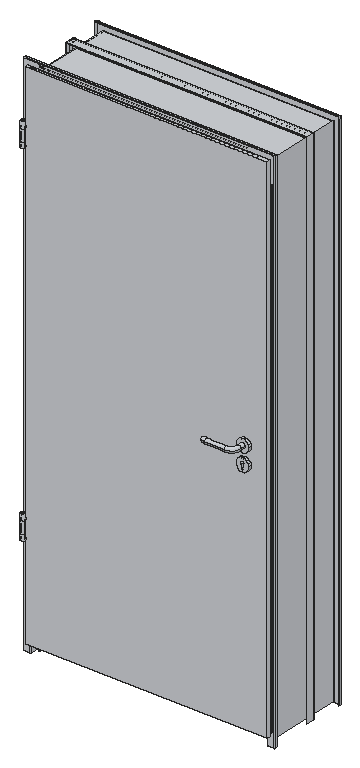
Revit family "BOS-Dehnungsfugenzarge-UuHd1_Familie1", category Türen, Revit 2017
Family settings
  Basisbauteil = Wand
  Immer vertikal = Ja
  Beim Laden mit Abzugskörper schneiden = Nein
  Gemeinsam genutzt = Nein
  Raumberechnungspunkt = Ja
Parameters (values of type "UuHd1")
  Überstand Hinterschale [instance] = 0.5 * (Dehnungsfuge - 10 mm)  # 5 mm
  MW2 min. = 100 mm  # constant formula
  MW2 max. [instance] = GT2 max. - Putzwinkel hinten - Überstand Hinterschale  # 590 mm
  Propellerankerabbiegung vorne Hinterschale [instance] = 10 mm  # constant formula
  Spiegel hinten   Architrave Back [instance] = 30 mm
  Spiegel hinten [instance] = if(Spiegel hinten   Architrave Back < 30 mm, 30 mm, if(Spiegel hinten   Architrave Back > 80 mm, 80 mm, Spiegel hinten   Architrave Back))  # 30 mm
  Putzwinkel hinten   Backbend Back [instance] = 10 mm  # constant formula
  Putzwinkel hinten [instance] = Putzwinkel hinten   Backbend Back  # 10 mm
  MW2 Maulweite   Receiving Opening 2 [instance] = 115 mm
  MW2 Maulweite [instance] = if(MW2 Maulweite   Receiving Opening 2 < MW2 min., MW2 min., if(MW2 Maulweite   Receiving Opening 2 > MW2 max., MW2 max., MW2 Maulweite   Receiving Opening 2))  # 115 mm
  Dehnungsfuge min. = 10 mm  # constant formula
  Dehnungsfuge max. = 50 mm  # constant formula
  Propellerankerabbiegung hinten Hinterschale [instance] = 10 mm  # constant formula
  Propellerankerabbiegung vorne Vorderschale [instance] = 10 mm  # constant formula
  Propellerankerabbiegung hinten Vorderschale [instance] = 10 mm  # constant formula
  VX-Abstand [instance] = Putzwinkel vorne  # 10 mm
  Putzwinkel vorne   Backbend Front [instance] = 10 mm  # constant formula
  UsFHd1 = no
  UuFHd1 = no
  Wandstärke   Wall Thickness [instance] = 200 mm
  Stumpf = or(UsHd1, UsFHd1)  # no
  VX Bänder DIN rechts [instance] = DIN rechts   DIN Right  # no
  VX Bänder DIN links [instance] = DIN links   DIN Left  # yes
  MW1 Maulweite   Receiving Opening 1 [instance] = if(Wandstärke   Wall Thickness < MW1 min., MW1 min., if(Wandstärke   Wall Thickness > MW1 max., MW1 max., Wandstärke   Wall Thickness))  # 200 mm
  LDH Lichte Durchgangs Höhe   Clearance Height [instance] = FMH Falzmaß Höhe - Falzaufschlag gesamt  # 2093 mm
  LDB Lichte Durchgangs Breite   Clearance Width [instance] = FMB Falzmaß Breite - (2 * Falzaufschlag gesamt)  # 936 mm
  Gefälzt = or(UuHd1, UuFHd1)  # yes
  URL = "www.BestOfSteel.de/stahlzargen/zargen-fuer-drehfluegeltueren/dehnungsfugenzargen/"
  Türblattstärke 3 = if(Einfachfalz, 0 mm, 25 mm)  # 0 mm
  Türblattstärke 2 = if(Gefälzt, 25.5 mm, 40 mm)  # 25.5 mm
  Türblattstärke 1 = if(Gefälzt, 14.5 mm, 0 mm)  # 14.5 mm
  Türblattstärke = Türblattstärke 1 + Türblattstärke 2 + Türblattstärke 3  # 40 mm
  Türblattversatz [instance] = Putzwinkel vorne + if(Gefälzt, 16 mm, -2 mm)  # 26 mm
  Spiegel vorne   Architrave Front [instance] = 30 mm
  Spiegel vorne [instance] = if(Spiegel vorne   Architrave Front < 30 mm, 30 mm, if(Spiegel vorne   Architrave Front > 80 mm, 80 mm, Spiegel vorne   Architrave Front))  # 30 mm
  Rough Height = 0 mm  # constant formula
  Rough Width = 0 mm  # constant formula
  Rechtliche Hinweise [instance] = "www.BestOfSteel.de/tools-downloads/bim-building-information-modeling/"
  RNH Rohbau_Nennmaß_Höhe   Nominal Wall Opening Height Measurement [instance] = FMH Falzmaß Höhe + Einfügepunkt  # 2130 mm
  RNB Rohbau_Nennmaß_Breite   Nominal Wall Opening Width Measurement [instance] = FMB Falzmaß Breite + (2 * Einfügepunkt)  # 1010 mm
  Putzwinkel vorne [instance] = Putzwinkel vorne   Backbend Front  # 10 mm
  UsHd1 = no
  UuHd1 = yes
  Modell = "UuHd1"
  Material - Zarge = none
  Material - Türblatt = none
  Material - Drückergarnitur = none
  Material - Dichtung = none
  Material - Bänder = none
  Material = "grundiert, feuerverzinktes Feinblech nach DIN EN 10143"
  MW1 min. = 130 mm  # constant formula
  MW1 max. [instance] = GT1 max. - Putzwinkel vorne - Überstand Vorderschale  # 590 mm
  Information in English = no
  Info-Texte sichtbar = yes
  Height [instance] = RNH Rohbau_Nennmaß_Höhe   Nominal Wall Opening Height Measurement  # 2130 mm
  Hersteller = "BOS GmbH Best Of Steel, Lütkenfelde 4, D-48282 Emsdetten"
  GT2 min. [instance] = MW2 min. + Putzwinkel hinten + Überstand Hinterschale  # 115 mm
  GT2 max. = 605 mm  # constant formula
  GT2 Gesamttiefe Zarge   Total Profile Depth 2 [instance] = MW2 Maulweite   Receiving Opening 2 + Putzwinkel hinten + Überstand Hinterschale  # 130 mm
  GT1 Gesamttiefe Zarge   Total Profile Depth 1 [instance] = MW1 Maulweite   Receiving Opening 1 + Putzwinkel vorne + Überstand Vorderschale  # 215 mm
  GT1 min. [instance] = MW1 min. + Putzwinkel vorne + Überstand Vorderschale  # 145 mm
  GT1 max. = 605 mm  # constant formula
  MW Fehler [instance] = or(or(or(Wandstärke   Wall Thickness < MW1 min., Wandstärke   Wall Thickness > MW1 max.), or(Dehnungsfuge   Expansion joint < Dehnungsfuge min., Dehnungsfuge   Expansion joint > Dehnungsfuge max.)), or(MW2 Maulweite   Receiving Opening 2 < MW2 Maulweite, MW2 Maulweite   Receiving Opening 2 > MW2 Maulweite))  # no
  GT Gesamttiefe_Zarge   Total Profile Depth [instance] = MW1 Maulweite   Receiving Opening 1 + Putzwinkel vorne + MW2 Maulweite   Receiving Opening 2 + Putzwinkel hinten + Dehnungsfuge  # 355 mm
  Funktion = Innen
  Falztiefe gesamt = if(Einfachfalz, Falztiefe, Falztiefe + Falztiefe 2)  # 28.5 mm
  Falztiefe 2 = 25 mm  # constant formula
  Falztiefe = if(Gefälzt, 28.5 mm, 46.5 mm)  # 28.5 mm
  Falzaufschlag gesamt = if(Einfachfalz, Falzaufschlag, 2 * Falzaufschlag)  # 15 mm
  Falzaufschlag = 15 mm  # constant formula
  FMH min. = 1608 mm  # constant formula
  FMH max. = 2858 mm  # constant formula
  FMH Falzmaß_Höhe   Rebate Height Measurement [instance] = 2108 mm
  FMH Falzmaß Höhe [instance] = if(FMH Falzmaß_Höhe   Rebate Height Measurement < FMH min., FMH min., if(FMH Falzmaß_Höhe   Rebate Height Measurement > FMH max., FMH max., FMH Falzmaß_Höhe   Rebate Height Measurement))  # 2108 mm
  FMB min. = 591 mm  # constant formula
  FMB max. = 1341 mm  # constant formula
  FMB Falzmaß_Breite   Rebate Width Measurement [instance] = 966 mm
  FMB Falzmaß Breite [instance] = if(FMB Falzmaß_Breite   Rebate Width Measurement < FMB min., FMB min., if(FMB Falzmaß_Breite   Rebate Width Measurement > FMB max., FMB max., FMB Falzmaß_Breite   Rebate Width Measurement))  # 966 mm
  Einfügepunkt = 22 mm  # constant formula
  Einfachfalz = or(UuHd1, UsHd1)  # yes
  Drückerhöhe   Handle Height [instance] = 1050 mm
  Drückerhöhe [instance] = if(Drückerhöhe   Handle Height < 850 mm, 850 mm, if(Drückerhöhe   Handle Height > 1050 mm, 1050 mm, Drückerhöhe   Handle Height))  # 1050 mm
  Drückergarnitur DIN rechts [instance] = DIN rechts   DIN Right  # no
  Drückergarnitur DIN links [instance] = DIN links   DIN Left  # yes
  Doppelfalz = or(UuFHd1, UsFHd1)  # no
  Dicke = 0 mm  # constant formula
  Dichtungsversatz vertikal 2 [instance] = Falztiefe + Falztiefe 2 - Putzwinkel vorne + 10 mm  # 53.5 mm
  Dichtungsversatz vertikal 1 [instance] = Falztiefe - Putzwinkel vorne + 10 mm  # 28.5 mm
  Dichtungsversatz horizontal 2 [instance] = Falzaufschlag  # 15 mm
  Dichtungsversatz horizontal 1 [instance] = 0 mm  # constant formula
  Dichtung 2 = Doppelfalz  # no
  Dichtung 1 = or(Einfachfalz, Doppelfalz)  # yes
  Dehnungsfuge   Expansion joint [instance] = 20 mm
  Dehnungsfuge [instance] = if(Dehnungsfuge   Expansion joint < Dehnungsfuge min., Dehnungsfuge min., if(Dehnungsfuge   Expansion joint > Dehnungsfuge max., Dehnungsfuge max., Dehnungsfuge   Expansion joint))  # 20 mm
  DIN rechts   DIN Right [instance] = not(DIN links   DIN Left)  # no
  DIN links   DIN Left [instance] = yes
  DIN Richtung [instance] = if(DIN links   DIN Left, "DIN links", "DIN rechts")  # "DIN links"
  Bänder - Auswahl [instance] = if(Gefälzt, "3D Bänder gefälzt, Bandaufnahmen BVX11000", "3D Bänder stumpf, Bandaufnahmen BVX11000")  # "3D Bänder gefälzt, Bandaufnahmen BVX11000"
  Width = 0 mm  # constant formula
  Blechstärke = 1.5 mm  # constant formula
  Beschreibung = "Dehnungsfugenzarge Typ 1, gefälzt"
  Bauelement = "BOS Stahlzarge"
  BOS-Architekten-Beratung = "Tel.: +49 (0) 2572 203-203, Fax -209; E-Mail: architekten@BestOfSteel.de"
  BE Bodeneinstand   Foundation Bedding [instance] = 30 mm
  BE Bodeneinstand [instance] = if(BE Bodeneinstand   Foundation Bedding < 0 mm, 0 mm, if(BE Bodeneinstand   Foundation Bedding > BE max., BE max., BE Bodeneinstand   Foundation Bedding))  # 30 mm
  BBL1 Bandbezugslinie   Hinge Position 1 = 241 mm  # constant formula
  BE max. = 100 mm  # constant formula
  BA Bandabstand   Distance Between Hinges [instance] = if(FMH Falzmaß Höhe < 1546 mm, 935 mm, if(FMH Falzmaß Höhe < 1671 mm, 1060 mm, if(FMH Falzmaß Höhe < 1796 mm, 1185 mm, if(FMH Falzmaß Höhe < 1921 mm, 1310 mm, if(FMH Falzmaß Höhe < 2171 mm, 1435 mm, if(FMH Falzmaß Höhe < 2296 mm, 1685 mm, if(FMH Falzmaß Höhe < 2421 mm, 1810 mm, if(FMH Falzmaß Höhe < 2546 mm, 1935 mm, if(FMH Falzmaß Höhe < 2671 mm, 2060 mm, if(FMH Falzmaß Höhe < 2796 mm, 2185 mm, 2310 mm))))))))))  # 1435 mm
  Allgemeine Informationen zu Stahlzargen = "www.BestOfSteel.de/tools-downloads/technische-infos-rund-um-die-stahlzarge/"
  Überstand Vorderschale [instance] = 0.5 * (Dehnungsfuge - 10 mm)  # 5 mm
Reference planes
  plane 1 "Wand": y = 0
  plane 2 "Mitte (Links/rechts)": x = 125
  plane 3 "Hinten": y = 100
  plane 4 "Vorne": y = -100
  plane 5 "RNB links": x = -380
  plane 6 "RNB rechts": x = 630
  plane 7 "RNB oben": z = 2130
  plane 8 "BBL1": z = 1867
  plane 9 "Drückerhöhe": z = 1050
  plane 10 "BBL2": z = 432
  plane 11 "BE": z = -30
  plane 12 "FMH oben": z = 2108
  plane 13 "BE max.": z = -100
  plane 14 "FMB links": x = -358
  plane 15 "FMB rechts": x = 608
Forms (mm)
  Sweep 1, solid, material <- "Material - Zarge", visible <- "Einfachfalz", detail levels medium+fine
    path origin (0, -100, 0) x (-1, 0, 0) y (0, 0, 1)
      loop
        line (380, -30) -> (380, 2130) -> (-630, 2130) -> (-630, -30)
    profile "BOS-UuHd1-UsHd1-Vorderschale_Profil : BOS-UuHd1-UsHd1-Vorderschale_Profil" origin (-380, -100, 1050) x (1, 0, 0) y (0, 1, 0)
      loop
        arc (37, 202.5) -> (36.268, 204.268) -> (34.5, 205) r 2.5
        line (34.5, 205) -> (19.5, 205)
        arc (19.5, 205) -> (17.732, 204.268) -> (17, 202.5) r 2.5
        line (17, 202.5) -> (17, 195) -> (18.5, 195) -> (18.5, 202.5)
        arc (18.5, 202.5) -> (18.793, 203.207) -> (19.5, 203.5) r 1
        line (19.5, 203.5) -> (34.5, 203.5)
        arc (34.5, 203.5) -> (35.207, 203.207) -> (35.5, 202.5) r 1
        line (35.5, 202.5) -> (35.5, 21.25)
        arc (35.5, 21.25) -> (34.135, 20.005) -> (33.021, 21.479) r 1.25
        line (33.021, 21.479) -> (33.949, 26.449)
        arc (33.949, 26.449) -> (33.308, 28.917) -> (31, 30) r 3
        line (31, 30) -> (23, 30)
        arc (23, 30) -> (21.232, 29.268) -> (20.5, 27.5) r 2.5
        line (20.5, 27.5) -> (20.5, -7.5)
        arc (20.5, -7.5) -> (20.207, -8.207) -> (19.5, -8.5) r 1
        line (19.5, -8.5) -> (-5.5, -8.5)
        arc (-5.5, -8.5) -> (-6.207, -8.207) -> (-6.5, -7.5) r 1
        line (-6.5, -7.5) -> (-6.5, 0) -> (-8, 0) -> (-8, -7.5)
        arc (-8, -7.5) -> (-7.268, -9.268) -> (-5.5, -10) r 2.5
        line (-5.5, -10) -> (19.5, -10)
        arc (19.5, -10) -> (21.268, -9.268) -> (22, -7.5) r 2.5
        line (22, -7.5) -> (22, 27.5)
        arc (22, 27.5) -> (22.293, 28.207) -> (23, 28.5) r 1
        line (23, 28.5) -> (31, 28.5)
        arc (31, 28.5) -> (32.154, 27.958) -> (32.475, 26.725) r 1.5
        line (32.475, 26.725) -> (31.547, 21.755)
        arc (31.547, 21.755) -> (33.996, 18.512) -> (37, 21.25) r 2.75
        line (37, 21.25) -> (37, 202.5)
  Sweep 2, solid, material <- "Material - Dichtung", visible <- "Dichtung 1", detail levels medium+fine
    path origin (0, -100, 0) x (-1, 0, 0) y (0, 0, 1)
      loop
        line (358, 0) -> (358, 2108) -> (-608, 2108) -> (-608, 0)
    profile "BOS-Dichtung_Profil : BOS-Dichtung_Profil" origin (-358, -100, 1054) x (1, 0, 0) y (0, 1, 0)
      loop
        arc (2.601, 27.263) -> (2.248, 27.116) -> (2.102, 26.763) r 0.5
        line (2.102, 26.763) -> (2.102, 22.634)
        arc (2.102, 22.634) -> (2.243, 22.254) -> (2.599, 22.057) r 0.584
        line (2.599, 22.057) -> (7.702, 21.28)
        arc (7.702, 21.28) -> (8.08, 21.392) -> (8.234, 21.754) r 0.462
        line (8.234, 21.754) -> (8.069, 25.992)
        arc (8.069, 25.992) -> (7.918, 26.403) -> (7.556, 26.65) r 0.716
        arc (7.556, 26.65) -> (5.104, 27.16) -> (2.601, 27.263) r 15.257
      loop
        arc (2.671, 20.957) -> (2.274, 20.838) -> (2.102, 20.46) r 0.501
        line (2.102, 20.46) -> (2.102, 17.565)
        arc (2.102, 17.565) -> (2.227, 17.151) -> (2.561, 16.874) r 0.75
        line (2.561, 16.874) -> (9.159, 15)
        arc (9.159, 15) -> (9.738, 14.926) -> (10.314, 15.026) r 1.962
        arc (10.314, 15.026) -> (11.596, 15.754) -> (12.503, 16.916) r 3.79
        arc (12.503, 16.916) -> (12.466, 17.289) -> (12.114, 17.416) r 0.351
        arc (12.114, 17.416) -> (9.731, 17.818) -> (8.301, 19.767) r 3.215
        arc (8.301, 19.767) -> (8.101, 20.097) -> (7.751, 20.259) r 0.66
        line (7.751, 20.259) -> (2.671, 20.957)
      loop
        arc (9.885, 26.692) -> (6.361, 28.049) -> (2.611, 28.5) r 15.273
        arc (2.611, 28.5) -> (1.229, 28.241) -> (0, 27.558) r 4.388
        arc (0, 27.558) -> (-0.126, 27.198) -> (0.203, 27.005) r 0.3
        line (0.203, 27.005) -> (1.052, 27.179) -> (1.052, 22.212) -> (0.253, 21.589)
        arc (0.253, 21.589) -> (0.158, 21.198) -> (0.517, 21.017) r 0.324
        arc (0.517, 21.017) -> (0.888, 20.925) -> (1.052, 20.58) r 0.446
        line (1.052, 20.58) -> (1.052, 17.338) -> (0.255, 16.575)
        arc (0.255, 16.575) -> (0.205, 16.209) -> (0.55, 16.077) r 0.297
        arc (0.55, 16.077) -> (1.217, 16.194) -> (1.892, 16.137) r 2.63
        line (1.892, 16.137) -> (9.198, 14.049)
        arc (9.198, 14.049) -> (9.621, 14.008) -> (10.045, 14.024) r 3.219
        arc (10.045, 14.024) -> (12.714, 15.531) -> (14.033, 18.298) r 5.088
        arc (14.033, 18.298) -> (13.874, 18.708) -> (13.442, 18.788) r 0.451
        line (13.442, 18.788) -> (12.151, 18.352)
        arc (12.151, 18.352) -> (10.406, 18.72) -> (9.336, 20.147) r 2.533
        line (9.336, 20.147) -> (9.088, 25.569)
        arc (9.088, 25.569) -> (9.253, 25.964) -> (9.663, 26.087) r 0.501
        arc (9.663, 26.087) -> (10.021, 26.299) -> (9.885, 26.692) r 0.329
  Sweep 3, solid, material <- "Material - Zarge", visible <- "Doppelfalz", detail levels medium+fine
    path origin (0, -100, 0) x (-1, 0, 0) y (0, 0, 1)
      loop
        line (380, -30) -> (380, 2130) -> (-630, 2130) -> (-630, -30)
    profile "BOS-UuFHd1-UsFHd1-Vorderschale_Profil : BOS-UuFHd1-UsFHd1-Vorderschale_Profil" origin (-380, -100, 1050) x (1, 0, 0) y (0, 1, 0)
      loop
        line (-8, 0) -> (-8, -7.5)
        arc (-8, -7.5) -> (-7.268, -9.268) -> (-5.5, -10) r 2.5
        line (-5.5, -10) -> (19.5, -10)
        arc (19.5, -10) -> (21.268, -9.268) -> (22, -7.5) r 2.5
        line (22, -7.5) -> (22, 27.5)
        arc (22, 27.5) -> (22.293, 28.207) -> (23, 28.5) r 1
        line (23, 28.5) -> (31, 28.5)
        arc (31, 28.5) -> (32.154, 27.958) -> (32.475, 26.725) r 1.5
        line (32.475, 26.725) -> (31.547, 21.755)
        arc (31.547, 21.755) -> (33.996, 18.512) -> (37, 21.25) r 2.75
        line (37, 21.25) -> (37, 52.5)
        arc (37, 52.5) -> (37.293, 53.207) -> (38, 53.5) r 1
        line (38, 53.5) -> (46, 53.5)
        arc (46, 53.5) -> (47.154, 52.958) -> (47.475, 51.725) r 1.5
        line (47.475, 51.725) -> (46.547, 46.755)
        arc (46.547, 46.755) -> (48.996, 43.512) -> (52, 46.25) r 2.75
        line (52, 46.25) -> (52, 202.5)
        arc (52, 202.5) -> (51.268, 204.268) -> (49.5, 205) r 2.5
        line (49.5, 205) -> (34.5, 205)
        arc (34.5, 205) -> (32.732, 204.268) -> (32, 202.5) r 2.5
        line (32, 202.5) -> (32, 195) -> (33.5, 195) -> (33.5, 202.5)
        arc (33.5, 202.5) -> (33.793, 203.207) -> (34.5, 203.5) r 1
        line (34.5, 203.5) -> (49.5, 203.5)
        arc (49.5, 203.5) -> (50.207, 203.207) -> (50.5, 202.5) r 1
        line (50.5, 202.5) -> (50.5, 46.25)
        arc (50.5, 46.25) -> (49.135, 45.005) -> (48.021, 46.479) r 1.25
        line (48.021, 46.479) -> (48.949, 51.449)
        arc (48.949, 51.449) -> (48.308, 53.917) -> (46, 55) r 3
        line (46, 55) -> (38, 55)
        arc (38, 55) -> (36.232, 54.268) -> (35.5, 52.5) r 2.5
        line (35.5, 52.5) -> (35.5, 21.25)
        arc (35.5, 21.25) -> (34.135, 20.005) -> (33.021, 21.479) r 1.25
        line (33.021, 21.479) -> (33.949, 26.449)
        arc (33.949, 26.449) -> (33.308, 28.917) -> (31, 30) r 3
        line (31, 30) -> (23, 30)
        arc (23, 30) -> (21.232, 29.268) -> (20.5, 27.5) r 2.5
        line (20.5, 27.5) -> (20.5, -7.5)
        arc (20.5, -7.5) -> (20.207, -8.207) -> (19.5, -8.5) r 1
        line (19.5, -8.5) -> (-5.5, -8.5)
        arc (-5.5, -8.5) -> (-6.207, -8.207) -> (-6.5, -7.5) r 1
        line (-6.5, -7.5) -> (-6.5, 0) -> (-8, 0)
  Sweep 4, solid, material <- "Material - Dichtung", visible <- "Dichtung 2", detail levels medium+fine
    path origin (0, -100, 0) x (-1, 0, 0) y (0, 0, 1)
      loop
        line (358, 0) -> (358, 2108) -> (-608, 2108) -> (-608, 0)
    profile "BOS-Dichtung_Profil : BOS-Dichtung_Profil" origin (-358, -100, 1054) x (1, 0, 0) y (0, 1, 0)
      loop
        arc (17.601, 52.263) -> (17.248, 52.116) -> (17.102, 51.763) r 0.5
        line (17.102, 51.763) -> (17.102, 47.634)
        arc (17.102, 47.634) -> (17.243, 47.254) -> (17.599, 47.057) r 0.584
        line (17.599, 47.057) -> (22.702, 46.28)
        arc (22.702, 46.28) -> (23.08, 46.392) -> (23.234, 46.754) r 0.462
        line (23.234, 46.754) -> (23.069, 50.992)
        arc (23.069, 50.992) -> (22.918, 51.403) -> (22.556, 51.65) r 0.716
        arc (22.556, 51.65) -> (20.104, 52.16) -> (17.601, 52.263) r 15.257
      loop
        arc (17.671, 45.957) -> (17.274, 45.838) -> (17.102, 45.46) r 0.501
        line (17.102, 45.46) -> (17.102, 42.565)
        arc (17.102, 42.565) -> (17.227, 42.151) -> (17.561, 41.874) r 0.75
        line (17.561, 41.874) -> (24.159, 40)
        arc (24.159, 40) -> (24.738, 39.926) -> (25.314, 40.026) r 1.962
        arc (25.314, 40.026) -> (26.596, 40.754) -> (27.503, 41.916) r 3.79
        arc (27.503, 41.916) -> (27.466, 42.289) -> (27.114, 42.416) r 0.351
        arc (27.114, 42.416) -> (24.731, 42.818) -> (23.301, 44.767) r 3.215
        arc (23.301, 44.767) -> (23.101, 45.097) -> (22.751, 45.259) r 0.66
        line (22.751, 45.259) -> (17.671, 45.957)
      loop
        arc (24.885, 51.692) -> (21.361, 53.049) -> (17.611, 53.5) r 15.273
        arc (17.611, 53.5) -> (16.229, 53.241) -> (15, 52.558) r 4.388
        arc (15, 52.558) -> (14.874, 52.198) -> (15.203, 52.005) r 0.3
        line (15.203, 52.005) -> (16.052, 52.179) -> (16.052, 47.212) -> (15.253, 46.589)
        arc (15.253, 46.589) -> (15.158, 46.198) -> (15.517, 46.017) r 0.324
        arc (15.517, 46.017) -> (15.888, 45.925) -> (16.052, 45.58) r 0.446
        line (16.052, 45.58) -> (16.052, 42.338) -> (15.255, 41.575)
        arc (15.255, 41.575) -> (15.205, 41.209) -> (15.55, 41.077) r 0.297
        arc (15.55, 41.077) -> (16.217, 41.194) -> (16.892, 41.137) r 2.63
        line (16.892, 41.137) -> (24.198, 39.049)
        arc (24.198, 39.049) -> (24.621, 39.008) -> (25.045, 39.024) r 3.219
        arc (25.045, 39.024) -> (27.714, 40.531) -> (29.033, 43.298) r 5.088
        arc (29.033, 43.298) -> (28.874, 43.708) -> (28.442, 43.788) r 0.451
        line (28.442, 43.788) -> (27.151, 43.352)
        arc (27.151, 43.352) -> (25.406, 43.72) -> (24.336, 45.147) r 2.533
        line (24.336, 45.147) -> (24.088, 50.569)
        arc (24.088, 50.569) -> (24.253, 50.964) -> (24.663, 51.087) r 0.501
        arc (24.663, 51.087) -> (25.021, 51.299) -> (24.885, 51.692) r 0.329
  Sweep 5, solid, material <- "Material - Zarge", detail levels medium+fine
    path origin (0, -100, 0) x (-1, 0, 0) y (0, 0, 1)
      loop
        line (380, -30) -> (380, 2130) -> (-630, 2130) -> (-630, -30)
    profile "BOS-UuHd1-Hinterschale_Profil : BOS-UuHd1-Hinterschale_Profil" origin (-380, -100, 1050) x (1, 0, 0) y (0, 1, 0)
      loop
        line (34.5, 216.5) -> (16, 216.5)
        arc (16, 216.5) -> (14.232, 215.768) -> (13.5, 214) r 2.5
        line (13.5, 214) -> (13.5, 179.5) -> (15, 179.5) -> (15, 214)
        arc (15, 214) -> (15.293, 214.707) -> (16, 215) r 1
        line (16, 215) -> (34.5, 215)
        arc (34.5, 215) -> (36.268, 215.732) -> (37, 217.5) r 2.5
        line (37, 217.5) -> (37, 342.5)
        arc (37, 342.5) -> (36.268, 344.268) -> (34.5, 345) r 2.5
        line (34.5, 345) -> (9.5, 345)
        arc (9.5, 345) -> (7.732, 344.268) -> (7, 342.5) r 2.5
        line (7, 342.5) -> (7, 335) -> (8.5, 335) -> (8.5, 342.5)
        arc (8.5, 342.5) -> (8.793, 343.207) -> (9.5, 343.5) r 1
        line (9.5, 343.5) -> (34.5, 343.5)
        arc (34.5, 343.5) -> (35.207, 343.207) -> (35.5, 342.5) r 1
        line (35.5, 342.5) -> (35.5, 217.5)
        arc (35.5, 217.5) -> (35.207, 216.793) -> (34.5, 216.5) r 1
  Sweep 6, void
    path origin (0, -100, 0) x (-1, 0, 0) y (0, 0, 1)
      loop
        line (380, 0) -> (380, 2130) -> (-125, 2130)
    profile "BOS-AK-Umfassungszarge-Einfachfalz-MW_Profil : BOS-AK-Umfassungszarge-Einfachfalz-MW_Profil" origin (-380, -100, 1065) x (1, 0, 0) y (0, 1, 0)
      loop
        line (505, 200) -> (35.5, 200) -> (35.5, 30) -> (23, 30)
        arc (23, 30) -> (21.232, 29.268) -> (20.5, 27.5) r 2.5
        line (20.5, 27.5) -> (20.5, 0) -> (505, 0) -> (505, 200)
  Sweep 7, void
    path origin (0, -100, 0) x (-1, 0, 0) y (0, 0, 1)
      loop
        line (-630, 0) -> (-630, 2130) -> (-125, 2130)
    profile "BOS-AK-Umfassungszarge-Einfachfalz-MW_Profil : BOS-AK-Umfassungszarge-Einfachfalz-MW_Profil" origin (630, -100, 1065) x (1, 0, 0) y (0, 1, 0)
      loop
        line (-505, 200) -> (-505, 0) -> (-20.5, 0) -> (-20.5, 27.5)
        arc (-20.5, 27.5) -> (-21.232, 29.268) -> (-23, 30) r 2.5
        line (-23, 30) -> (-35.5, 30) -> (-35.5, 200) -> (-505, 200)
  Sweep 8, void
    path origin (0, -100, 0) x (-1, 0, 0) y (0, 0, 1)
      loop
        line (380, 0) -> (380, 2130) -> (-125, 2130)
    profile "BOS-AK-Umfassungszarge-Doppelfalz-MW_Profil : BOS-AK-Umfassungszarge-Doppelfalz-MW_Profil" origin (-380, -100, 1065) x (1, 0, 0) y (0, 1, 0)
      loop
        line (505, 200) -> (116.5, 200) -> (116.5, 55) -> (104, 55)
        arc (104, 55) -> (102.232, 54.268) -> (101.5, 52.5) r 2.5
        line (101.5, 52.5) -> (101.5, 30) -> (89, 30)
        arc (89, 30) -> (87.232, 29.268) -> (86.5, 27.5) r 2.5
        line (86.5, 27.5) -> (86.5, 0) -> (505, 0) -> (505, 200)
  Sweep 9, void
    path origin (0, -100, 0) x (-1, 0, 0) y (0, 0, 1)
      loop
        line (-630, 0) -> (-630, 2130) -> (-125, 2130)
    profile "BOS-AK-Umfassungszarge-Doppelfalz-MW_Profil : BOS-AK-Umfassungszarge-Doppelfalz-MW_Profil" origin (630, -100, 1065) x (1, 0, 0) y (0, 1, 0)
      loop
        line (-505, 200) -> (-505, 0) -> (-86.5, 0) -> (-86.5, 27.5)
        arc (-86.5, 27.5) -> (-87.232, 29.268) -> (-89, 30) r 2.5
        line (-89, 30) -> (-101.5, 30) -> (-101.5, 52.5)
        arc (-101.5, 52.5) -> (-102.232, 54.268) -> (-104, 55) r 2.5
        line (-104, 55) -> (-116.5, 55) -> (-116.5, 200) -> (-505, 200)
Lines and regions (mm)
  model lines, style "DoorsHiddenLines", visible <- "DIN links   DIN Left"
    curve 1: arc (630, -100, 0) -> (334.178, -814.178, 0) -> (-380, -1110, 0) r 1010
  model lines, visible <- "DIN links   DIN Left"
    curve 2: line (-380, -100, 0) -> (-380, -1110, 0)
  model lines, style "DoorsHiddenLines", visible <- "DIN rechts   DIN Right"
    curve 3: arc (-380, -100, 0) -> (-84.178, -814.178, 0) -> (630, -1110, 0) r 1010
  model lines, visible <- "DIN rechts   DIN Right"
    curve 4: line (630, -100, 0) -> (630, -1110, 0)
  reference lines
    curve 5: line (65, 650, 0) -> (185, 650, 0)
    curve 6: line (65, -650, 0) -> (185, -650, 0)
    curve 7: line (1130, 100, 0) -> (1130, -100, 0)
Text (mm)
  text "Außen     " at (-1696.17, 830.944, 0), in view "Ref.-Ebene"
  text "Außen" at (0, 1409.804, 2854.306), in view "Links"
  text "Placement side" at (0, 499.811, 2980.732), in view "Rechts"
Dimensions and locks
  locked: plane 3 "Hinten" to host wall
  locked: host wall to plane 4 "Vorne" at 0
  level to plane 7 "RNB oben" = 2130 mm
  equal spacing: plane 5 "RNB links", plane 2 "Mitte (Links/rechts)", plane 6 "RNB rechts"
  "Drückerhöhe": level to plane 9 "Drückerhöhe"
  "BE Bodeneinstand": plane 11 "BE" to level
  "Wandstärke   Wall Thickness": host wall to host wall
  "BBL1 Bandbezugslinie   Hinge Position 1": plane 12 "FMH oben" to plane 8 "BBL1"
  "BA Bandabstand   Distance Between Hinges": plane 8 "BBL1" to plane 10 "BBL2"
  "FMH Falzmaß Höhe": plane 12 "FMH oben" to level
  "RNH Rohbau_Nennmaß_Höhe   Nominal Wall Opening Height Measurement": plane 7 "RNB oben" to level
  curve 4 to curve 7 = 500 mm
  "RNB Rohbau_Nennmaß_Breite   Nominal Wall Opening Width Measurement": plane 5 "RNB links" to plane 6 "RNB rechts"
  curve 6 to plane 4 "Vorne" to plane 3 "Hinten" to curve 5 = 550 mm, 200 mm, 550 mm
  "BE max.": level to plane 13 "BE max."
  equal spacing: plane 14 "FMB links", plane 2 "Mitte (Links/rechts)", plane 15 "FMB rechts"
  "FMB Falzmaß Breite": plane 14 "FMB links" to plane 15 "FMB rechts"
  aligned and locked: plane 1 "Wand" to host wall
  aligned and locked: plane 5 "RNB links" to curve 1
  aligned and locked: plane 2 "Mitte (Links/rechts)" to nested 1
  aligned and locked: nested 2 to nested 1
  aligned and locked: plane 9 "Drückerhöhe" to nested 3
  aligned and locked: nested 4 to plane 9 "Drückerhöhe"
  aligned and locked: nested 5 to plane 9 "Drückerhöhe"
  aligned and locked: plane 9 "Drückerhöhe" to nested 2
  aligned and locked: nested 1 to nested 3
  aligned and locked: nested 5 to nested 1  (x2)
  aligned and locked: nested 4 to nested 1
  aligned and locked: nested 3 to nested 1
  aligned and locked: nested 1 to nested 2
  aligned and locked: nested 1 to nested 4
  aligned and locked: plane 4 "Vorne" to nested 1
  aligned and locked: plane 6 "RNB rechts" to nested 6
  aligned and locked: nested 6 to plane 4 "Vorne"
  aligned and locked: plane 9 "Drückerhöhe" to nested 6
  aligned and locked: plane 5 "RNB links" to nested 7
  aligned and locked: nested 7 to plane 4 "Vorne"
  aligned and locked: plane 6 "RNB rechts" to nested 8
  aligned and locked: plane 4 "Vorne" to nested 8
  aligned and locked: plane 5 "RNB links" to nested 9
  aligned and locked: plane 6 "RNB rechts" to nested 10
  aligned and locked: curve 5 to nested 12
  aligned and locked: plane 2 "Mitte (Links/rechts)" to nested 12
  aligned and locked: curve 6 to nested 11
  aligned and locked: plane 2 "Mitte (Links/rechts)" to nested 11
  aligned and locked: nested 13 to curve 7
  aligned and locked: plane 1 "Wand" to nested 13
  aligned and locked: plane 14 "FMB links" to Sweep 2 sketch curve
  aligned and locked: Sweep 2 sketch curve to plane 12 "FMH oben"
  aligned and locked: Sweep 2 sketch curve to plane 15 "FMB rechts"
  aligned and locked: plane 14 "FMB links" to Sweep 4 sketch curve
  aligned and locked: Sweep 4 sketch curve to plane 12 "FMH oben"
  aligned and locked: Sweep 4 sketch curve to plane 15 "FMB rechts"
  aligned and locked: nested 15 to plane 10 "BBL2"
  aligned and locked: plane 10 "BBL2" to nested 17
  aligned and locked: plane 8 "BBL1" to nested 14
  aligned and locked: nested 16 to plane 8 "BBL1"
  aligned and locked: nested 14 to plane 4 "Vorne"
  aligned and locked: nested 15 to plane 4 "Vorne"
  aligned and locked: plane 4 "Vorne" to nested 16
  aligned and locked: plane 4 "Vorne" to nested 17
  aligned and locked: plane 15 "FMB rechts" to nested 17
  aligned and locked: plane 15 "FMB rechts" to nested 16
  aligned and locked: plane 14 "FMB links" to nested 14
  aligned and locked: plane 14 "FMB links" to nested 15
  aligned and locked: plane 4 "Vorne" to nested 9
  aligned and locked: nested 10 to plane 4 "Vorne"
  aligned and locked: nested 19 to Sweep 1  (x2)
  aligned and locked: nested 18 to Sweep 3  (x2)
Automatic sketch dimensions
  Sweep 1 sketch curve to plane 6 "RNB rechts" = 0 mm
  Sweep 1 sketch curve to plane 5 "RNB links" = 0 mm
  Sweep 1 sketch curve to plane 11 "BE" = 0 mm  (x2)
  Sweep 1 sketch curve to plane 7 "RNB oben" = 0 mm
  Sweep 2 sketch curve to level = 0 mm  (x2)
  host wall to curve 1 = 0 mm
  host wall to curve 7 = 0 mm
  curve 7 to host wall = 0 mm
  curve 6 to plane 2 "Mitte (Links/rechts)" = 60 mm
  curve 5 to plane 2 "Mitte (Links/rechts)" = 60 mm
  plane 2 "Mitte (Links/rechts)" to curve 6 = 60 mm
  plane 2 "Mitte (Links/rechts)" to curve 5 = 60 mm
  plane 6 "RNB rechts" to curve 7 = 500 mm
  Sweep 3 sketch curve to plane 6 "RNB rechts" = 0 mm
  Sweep 3 sketch curve to plane 5 "RNB links" = 0 mm
  Sweep 3 sketch curve to plane 11 "BE" = 0 mm  (x2)
  Sweep 3 sketch curve to plane 7 "RNB oben" = 0 mm
  Sweep 4 sketch curve to level = 0 mm  (x2)
  Sweep 5 sketch curve to plane 6 "RNB rechts" = 0 mm
  Sweep 5 sketch curve to plane 5 "RNB links" = 0 mm
  Sweep 5 sketch curve to plane 11 "BE" = 0 mm  (x2)
  Sweep 5 sketch curve to plane 7 "RNB oben" = 0 mm
  Sweep 6 sketch curve to plane 2 "Mitte (Links/rechts)" = 0 mm
  Sweep 6 sketch curve to plane 5 "RNB links" = 0 mm
  Sweep 6 sketch curve to level = 0 mm
  Sweep 6 sketch curve to plane 7 "RNB oben" = 0 mm
  Sweep 7 sketch curve to plane 6 "RNB rechts" = 0 mm
  Sweep 7 sketch curve to plane 2 "Mitte (Links/rechts)" = 0 mm
  Sweep 7 sketch curve to level = 0 mm
  Sweep 7 sketch curve to plane 7 "RNB oben" = 0 mm
  Sweep 8 sketch curve to plane 2 "Mitte (Links/rechts)" = 0 mm
  Sweep 8 sketch curve to plane 5 "RNB links" = 0 mm
  Sweep 8 sketch curve to level = 0 mm
  Sweep 8 sketch curve to plane 7 "RNB oben" = 0 mm
  Sweep 9 sketch curve to plane 6 "RNB rechts" = 0 mm
  Sweep 9 sketch curve to plane 2 "Mitte (Links/rechts)" = 0 mm
  Sweep 9 sketch curve to level = 0 mm
  Sweep 9 sketch curve to plane 7 "RNB oben" = 0 mm
  host wall to curve 3 = 0 mm
Nested families
  nested 1: "BOS-Türblatt_Modell" at (125, -126, 0), type "BOS-Türblatt_Modell", detail levels medium+fine
    with Türblattversatz 26 mm, Türblattstärke TB3 0 mm, Türblattstärke 40 mm
  nested 2: "BOS-Drückergarnitur_Modell" at (527.5, -86, 1050) x (-1, 0, 0) z (0, 0, 1), visible <- "Drückergarnitur DIN links", type "BOS-Drückergarnitur_Modell", detail levels fine
  nested 3: "BOS-Drückergarnitur_Modell" at (-277.5, -126, 1050), visible <- "Drückergarnitur DIN rechts", type "BOS-Drückergarnitur_Modell", detail levels fine
  nested 4: "BOS-Drückergarnitur_Modell" at (-277.5, -86, 1050), visible <- "Drückergarnitur DIN rechts", type "BOS-Drückergarnitur_Modell", detail levels fine
  nested 5: "BOS-Drückergarnitur_Modell" at (527.5, -126, 1050) x (-1, 0, 0) z (0, 0, 1), visible <- "Drückergarnitur DIN links", type "BOS-Drückergarnitur_Modell", detail levels fine
  nested 6: "BOS-BOS_Modell" at (630, -100, 1050), type "BOS-BOS_Modell", not visible
  nested 7: "BOS-loser-Nagelanker-und-Propelleranker-Vorderschale_Detail" at (-380, -85, 0), type "BOS-loser-Nagelanker-und-Propelleranker-Vorderschale_Detail", detail levels fine
    with MW Maulweite 200 mm, Bügelankerlänge 130 mm, Abbiegung vorne 10 mm, Abbiegung hinten 10 mm
  nested 8: "BOS-loser-Nagelanker-und-Propelleranker-Vorderschale_Detail" at (630, -85, 0) x (-1, 0, 0) z (0, 0, 1), type "BOS-loser-Nagelanker-und-Propelleranker-Vorderschale_Detail", detail levels fine
    with MW Maulweite 200 mm, Bügelankerlänge 130 mm, Abbiegung vorne 10 mm, Abbiegung hinten 10 mm
  nested 9: "BOS-loser-Nagelanker-und-Propelleranker-Hinterschale_Detail" at (-380, 120, 0), type "BOS-loser-Nagelanker-und-Propelleranker-Hinterschale_Detail", detail levels fine
    with MW2 Maulweite 115 mm, MW1 Maulweite 200 mm, Bügelankerlänge 78.2 mm
  nested 10: "BOS-loser-Nagelanker-und-Propelleranker-Hinterschale_Detail" at (630, 120, 0) x (-1, 0, 0) z (0, 0, 1), type "BOS-loser-Nagelanker-und-Propelleranker-Hinterschale_Detail", detail levels fine
    with MW2 Maulweite 115 mm, MW1 Maulweite 200 mm, Bügelankerlänge 78.2 mm
  nested 11: "BOS-Info-Texte_Beschriftung" at (125, -650.955, 0), visible <- "Info-Texte sichtbar", type "Rechtliche Hinweise"
  nested 12: "BOS-Info-Texte_Beschriftung" at (125, 649.045, 0), visible <- "Info-Texte sichtbar", type "Technische Hinweise"
  nested 13: "BOS-Info-Texte_Beschriftung" at (1130, -0.955, 0), visible <- "MW Fehler", type "Maulweite-Dehnungsfuge Fehlermeldung"
  nested 14: "BOS-Band-VX_Modell" at (-358, -100, 1867), visible <- "VX Bänder DIN links", type "BOS-Band-VX_Modell", detail levels fine
    with VX-Abstand 10 mm
  nested 15: "BOS-Band-VX_Modell" at (-358, -100, 432), visible <- "VX Bänder DIN links", type "BOS-Band-VX_Modell", detail levels fine
    with VX-Abstand 10 mm
  nested 16: "BOS-Band-VX_Modell" at (608, -100, 1867) x (-1, 0, 0) z (0, 0, 1), visible <- "VX Bänder DIN rechts", type "BOS-Band-VX_Modell", detail levels fine
    with VX-Abstand 10 mm
  nested 17: "BOS-Band-VX_Modell" at (608, -100, 432) x (-1, 0, 0) z (0, 0, 1), visible <- "VX Bänder DIN rechts", type "BOS-Band-VX_Modell", detail levels fine
    with VX-Abstand 10 mm
  nested 18: "BOS-Logo_Modell" at (-339.5, 93.5, 0), visible <- "Doppelfalz", type "BOS-Logo_Modell", detail levels fine
  nested 19: "BOS-Logo_Modell" at (-354.5, 93.5, 0), visible <- "Einfachfalz", type "BOS-Logo_Modell", detail levels fine
Definition of nested family "BOS-Türblatt_Modell"
  Parameters (values of type "BOS-Türblatt_Modell")
    URL = "www.BestOfSteel.de"
    Türblattversatz = 2 mm
    Türblattaufschlag = 13 mm
    Türblattstärke TB3 = 25 mm
    Türblattstärke TB2 = 25.5 mm
    Türblattstärke TB1 = 14.5 mm
    Türblattstärke = Türblattstärke TB1 + Türblattstärke TB2 + Türblattstärke TB3  # 65 mm
    Türblattextrusionsende = FMH Zargen Falzmaß Höhe + 9 mm  # 2117 mm
    Türblattextrusionsbeginn = 7 mm
    Material - Türblatt = none
    FMH Zargen Falzmaß Höhe = 2108 mm
    FMB Zargen Falzmaß Breite = 966 mm
    Keynote = "BOS Türblatt"
    TAB3 Türblatt Außenmaß Breite Türblatt 3 = TAB2 Türblatt Außenmaß Breite Türblatt 2 - 2 * Falzaufschlag  # 929 mm
    TAB Türblatt Außenmaß Breite = FMB Zargen Falzmaß Breite + 2 * 9.5 mm  # 985 mm
    TAB2 Türblatt Außenmaß Breite Türblatt 2 = TAB Türblatt Außenmaß Breite - 2 * Türblattaufschlag  # 959 mm
    Falzaufschlag = 15 mm
  Reference planes
    plane 1 "Mitte (Vorne/hinten)": y = 0
    plane 2: z = 0
    plane 3 "Mitte (Links/rechts)": x = 0
    plane 4: z = 2117
    plane 5: x = -492.5
    plane 6: x = 492.5
    plane 7: z = 7
    plane 8 "hinten": y = 2
    plane 9 "vorne": y = -2
  Forms (mm)
    Extrusion 1, solid, material <- "Material - Türblatt"
      sketch origin (0, 0, 0) x (1, 0, 0) y (0, 1, 0)
        loop
          line (-492.5, 65) -> (-492.5, 0) -> (492.5, 0) -> (492.5, 65) -> (-492.5, 65)
      from 7 <- "Türblattextrusionsbeginn" to 2117 <- "Türblattextrusionsende"
    Sweep 2, void
      path origin (-2.283, 0, 0) x (1, 0, 0) y (0, 0, 1)
        loop
          line (-490.217, 7) -> (-490.217, 2117) -> (494.783, 2117) -> (494.783, 7)
      profile origin (-492.5, 0, 1062) x (-1, 0, 0) y (0, -1, 0)
        loop
          line (0, -65) -> (0, -14.5) -> (-13, -14.5) -> (-13, -40) -> (-28, -40) -> (-28, -65) -> (0, -65)
  Cuts and joins
    Sweep 2 cuts Extrusion 1
  Dimensions and locks
    equal spacing: Extrusion 1 sketch curve, plane 3 "Mitte (Links/rechts)", Extrusion 1 sketch curve
    "TAB Türblatt Außenmaß Breite": Extrusion 1 sketch curve to Extrusion 1 sketch curve
    "Türblattstärke": Extrusion 1 sketch curve to Extrusion 1 sketch curve
    "TAB Türblatt Außenmaß Breite": plane 6 to plane 5
    equal spacing: plane 6, plane 3 "Mitte (Links/rechts)", plane 5
    "Türblattextrusionsende": plane 4 to level
    "Türblattextrusionsbeginn": plane 7 to level
    Sweep 2 sketch curve to Sweep 2 sketch curve = 25 mm
    "Türblattstärke TB2": Sweep 2 sketch curve to Sweep 2 sketch curve
    "Türblattaufschlag": cut or joined group of Extrusion 1, Sweep 2 to Sweep 2 sketch curve
    "Falzaufschlag": Sweep 2 sketch curve to Sweep 2 sketch curve
    "Türblattversatz": plane 9 "vorne" to plane 1 "Mitte (Vorne/hinten)"
    "Türblattstärke TB1": Sweep 2 sketch curve to plane 1 "Mitte (Vorne/hinten)"
    equal spacing: plane 8 "hinten", plane 1 "Mitte (Vorne/hinten)", plane 9 "vorne"
    aligned and locked: level to plane 2
  Automatic sketch dimensions
    plane 1 "Mitte (Vorne/hinten)" to Extrusion 1 sketch curve = 0 mm
    Sweep 2 sketch curve to plane 4 = 0 mm
    Sweep 2 sketch curve to plane 5 = 0 mm
    Sweep 2 sketch curve to plane 6 = 0 mm
    Sweep 2 sketch curve to plane 7 = 0 mm  (x2)
    Sweep 2 sketch curve to profile plane = 0 mm
Definition of nested family "BOS-Drückergarnitur_Modell"
  Parameters (values of type "BOS-Drückergarnitur_Modell")
    URL = "www.BestOfSteel.de"
    Material - Drückergarnitur = none
    Keynote = "BOS Drückergarnitur"
  Reference planes
    plane 1 "Mitte (Vorne/hinten)": y = 0
    plane 2 "Drückerhöhe": z = 0
    plane 3 "Mitte (Links/rechts)": x = 0
    plane 4 "Türblattende gefälzt": x = -90
  Forms (mm)
    Sweep 1, solid, material <- "Material - Drückergarnitur"
      path origin (0, 0, 0) x (1, 0, 0) y (0, 1, 0)
        loop
          line (0, 0) -> (0, -10)
      profile origin (0, -5, 0) x (1, 0, 0) y (0, 0, 1)
        loop
          circle (0, 0) r 26
    Sweep 2, solid, material <- "Material - Drückergarnitur"
      path origin (0, 0, 0) x (1, 0, 0) y (0, 1, 0)
        loop
          line (0, -10) -> (0, -30.336)
          arc (0, -30.336) -> (8.201, -50.135) -> (28, -58.336) r 28
          line (28, -58.336) -> (108.063, -58.336)
          arc (108.063, -58.336) -> (116.614, -56.829) -> (124.133, -52.487) r 25
      profile origin (0, -20.168, 0) x (1, 0, 0) y (0, 0, 1)
        loop
          circle (0, 0) r 9
    Sweep 3, solid, material <- "Material - Drückergarnitur"
      path origin (0, 0, -70) x (1, 0, 0) y (0, 1, 0)
        loop
          line (0, 0) -> (0, -10)
      profile origin (0, -5, -70) x (1, 0, 0) y (0, 0, 1)
        loop
          circle (0, 0) r 26
        loop
          arc (-4.3, -12.6) -> (0, -16.9) -> (4.3, -12.6) r 4.3
          line (4.3, -12.6) -> (4.3, 0)
          arc (4.3, 0) -> (7.07, 8.305) -> (0, 13.47) r 7.421
          arc (0, 13.47) -> (-7.07, 8.305) -> (-4.3, 0) r 7.421
          line (-4.3, 0) -> (-4.3, -12.6)
  Dimensions and locks
    plane 2 "Drückerhöhe" to Sweep 3 = 70 mm
    aligned and locked: plane 1 "Mitte (Vorne/hinten)" to Sweep 3
  Automatic sketch dimensions
    Sweep 1 sketch curve to plane 3 "Mitte (Links/rechts)" = 0 mm
    plane 1 "Mitte (Vorne/hinten)" to Sweep 1 sketch curve = 0 mm
    plane 1 "Mitte (Vorne/hinten)" to Sweep 1 sketch curve = 10 mm
    level to Sweep 1 sketch curve = 0 mm
    profile plane to Sweep 1 sketch curve = 0 mm
    Sweep 2 sketch curve to plane 3 "Mitte (Links/rechts)" = 0 mm
    plane 3 "Mitte (Links/rechts)" to Sweep 2 sketch curve = 28 mm
    plane 1 "Mitte (Vorne/hinten)" to Sweep 2 sketch curve = 33.336 mm
    Sweep 2 sketch curve to Sweep 2 sketch curve = 80.063 mm
    plane 1 "Mitte (Vorne/hinten)" to Sweep 2 sketch curve = 58.336 mm
    Sweep 2 sketch curve to Sweep 2 sketch curve = 16.07 mm
    plane 1 "Mitte (Vorne/hinten)" to Sweep 2 sketch curve = 10 mm
    level to Sweep 2 sketch curve = 0 mm
    profile plane to Sweep 2 sketch curve = 0 mm
    Sweep 3 sketch curve to plane 3 "Mitte (Links/rechts)" = 0 mm
    plane 1 "Mitte (Vorne/hinten)" to Sweep 3 sketch curve = 0 mm
    plane 1 "Mitte (Vorne/hinten)" to Sweep 3 sketch curve = 10 mm
    Sweep 3 sketch curve to Sweep 3 sketch curve = 0 mm  (x2)
    Sweep 3 sketch curve to profile plane = 0 mm  (x2)
    profile plane to Sweep 3 sketch curve = 0 mm  (x3)
    Sweep 3 sketch curve to Sweep 3 sketch curve = 4.3 mm
    Sweep 3 sketch curve to Sweep 3 sketch curve = 12.6 mm
    profile plane to Sweep 3 sketch curve = 6.049 mm
    radius of Sweep 1 sketch curve = 26 mm
    radius of Sweep 2 sketch curve = 9 mm
    radius of Sweep 3 sketch curve = 26 mm
Definition of nested family "BOS-Band-VX_Modell"
  Parameters (values of type "BOS-Band-VX_Modell")
    URL = "www.BestOfSteel.de"
    Stumpf = no
    Rechtliche Hinweise = "www.BestOfSteel.de/tools-downloads/bim-building-information-modeling/"
    VX-Abstand = 15 mm
    Material - Bänder = none
    Manufacturer = "BOS GmbH Best Of Steel, Lütkenfelde 4, D-48282 Emsdetten"
    Gefälzt = yes
    Description = "gefälzt oder stumpf"
    Keynote = "BOS Band VX"
    BOS-Architekten-Beratung = "Tel.: +49 (0) 2572 203-203, Fax -209; E-Mail: architekten@BestOfSteel.de"
    Allgemeine Informationen zu Stahlzargen = "www.BestOfSteel.de/tools-downloads/technische-infos-rund-um-die-stahlzarge/"
    Abstand von Spiegel = if(Gefälzt, 12.5 mm, 13.5 mm)  # 12.5 mm
    Abstand von Falzmaß = if(Gefälzt, 21 mm, 3 mm)  # 21 mm
  Reference planes
    plane 1: y = 0
    plane 2: z = 0
    plane 3: x = 0
    plane 4: z = -47.5
    plane 5: z = 47.5
    plane 6: y = -15
    plane 7: y = -27.5
    plane 8: x = -21
    plane 9: z = 24
    plane 10: z = -24
    plane 11: z = 23.5
    plane 12: z = -23.5
    plane 13: x = -31
    plane 14: x = -11
  Forms (mm)
    Sweep 1, solid, material <- "Material - Bänder"
      path origin (-34.92, -27.5, 1200) x (-1, 0, 0) y (0, 0, 1)
        loop
          line (-13.92, -1247.5) -> (-13.92, -1152.5)
      profile origin (-21, -27.5, 0) x (1, 0, 0) y (0, 1, 0)
        loop
          circle (0, 0) r 6.5
    Sweep 2, solid, material <- "Material - Bänder", visible <- "Stumpf"
      path origin (-34.92, -27.5, 1200) x (-1, 0, 0) y (0, 0, 1)
        loop
          line (-13.92, -1176) -> (-13.92, -1152.5)
      profile origin (-21, -27.5, 35.75) x (1, 0, 0) y (0, 1, 0)
        loop
          arc (6.5, 0) -> (0, -6.5) -> (-6.5, 0) r 6.5
          arc (-6.5, 0) -> (-2.798, 5.867) -> (4.091, 5.051) r 6.5
          line (4.091, 5.051) -> (6.293, 7.771)
          arc (6.293, 7.771) -> (-9.026, -4.305) -> (10, 0) r 10
          line (10, 0) -> (10, 15.5) -> (6.5, 15.5) -> (6.5, 0)
    Sweep 3, solid, material <- "Material - Bänder", visible <- "Stumpf"
      path origin (-34.92, -27.5, 1200) x (-1, 0, 0) y (0, 0, 1)
        loop
          line (-13.92, -1247.5) -> (-13.92, -1224)
      profile origin (-21, -27.5, -35.75) x (1, 0, 0) y (0, 1, 0)
        loop
          line (6.5, 15.5) -> (6.5, 0)
          arc (6.5, 0) -> (0, -6.5) -> (-6.5, 0) r 6.5
          arc (-6.5, 0) -> (-2.798, 5.867) -> (4.091, 5.051) r 6.5
          line (4.091, 5.051) -> (6.293, 7.771)
          arc (6.293, 7.771) -> (-9.026, -4.305) -> (10, 0) r 10
          line (10, 0) -> (10, 15.5) -> (6.5, 15.5)
    Sweep 4, solid, material <- "Material - Bänder", visible <- "Stumpf"
      path origin (-34.92, -27.5, 1200) x (-1, 0, 0) y (0, 0, 1)
        loop
          line (-13.92, -1223.5) -> (-13.92, -1176.5)
      profile origin (-21, -27.5, 0) x (1, 0, 0) y (0, 1, 0)
        loop
          line (-7.546, 13.5) -> (-11, 13.5) -> (-11, 11.45) -> (-9.849, -1.733)
          arc (-9.849, -1.733) -> (9.51, -3.092) -> (-6.947, 7.193) r 10
          line (-6.947, 7.193) -> (-4.515, 4.667)
          arc (-4.515, 4.667) -> (2.546, 5.971) -> (6.507, -0.017) r 6.507
          arc (6.507, -0.017) -> (0.623, -6.475) -> (-6.353, -1.214) r 6.486
          line (-6.353, -1.214) -> (-7.546, 11.599) -> (-7.546, 13.5)
    Sweep 5, solid, material <- "Material - Bänder", visible <- "Gefälzt"
      path origin (-34.92, -27.5, 1200) x (-1, 0, 0) y (0, 0, 1)
        loop
          line (-13.92, -1176) -> (-13.92, -1152.5)
      profile origin (-21, -27.5, 35.75) x (1, 0, 0) y (0, 1, 0)
        loop
          arc (0, 10) -> (-4.305, -9.026) -> (7.771, 6.293) r 10
          line (7.771, 6.293) -> (5.051, 4.091)
          arc (5.051, 4.091) -> (2.17, -6.127) -> (-6.5, 0) r 6.5
          arc (-6.5, 0) -> (-4.596, 4.596) -> (0, 6.5) r 6.5
          line (0, 6.5) -> (11.5, 6.5) -> (11.5, 10) -> (0, 10)
    Sweep 6, solid, material <- "Material - Bänder", visible <- "Gefälzt"
      path origin (-34.92, -27.5, 1200) x (-1, 0, 0) y (0, 0, 1)
        loop
          line (-13.92, -1247.5) -> (-13.92, -1224)
      profile origin (-21, -27.5, -35.75) x (1, 0, 0) y (0, 1, 0)
        loop
          line (11.5, 6.5) -> (11.5, 10) -> (0, 10)
          arc (0, 10) -> (-4.305, -9.026) -> (7.771, 6.293) r 10
          line (7.771, 6.293) -> (5.051, 4.091)
          arc (5.051, 4.091) -> (2.17, -6.127) -> (-6.5, 0) r 6.5
          arc (-6.5, 0) -> (-4.596, 4.596) -> (0, 6.5) r 6.5
          line (0, 6.5) -> (11.5, 6.5)
    Sweep 7, solid, material <- "Material - Bänder", visible <- "Gefälzt"
      path origin (-34.92, -27.5, 1200) x (-1, 0, 0) y (0, 0, 1)
        loop
          line (-13.92, -1223.5) -> (-13.92, -1176.5)
      profile origin (-21, -27.5, 0) x (1, 0, 0) y (0, 1, 0)
        loop
          line (7.5, 10.761) -> (6.474, -0.586)
          arc (6.474, -0.586) -> (-0.293, -6.493) -> (-6.5, 0) r 6.5
          arc (-6.5, 0) -> (-2.54, 5.983) -> (4.515, 4.676) r 6.5
          line (4.515, 4.676) -> (6.947, 7.193)
          arc (6.947, 7.193) -> (-9.372, -3.488) -> (9.959, -0.901) r 10
          line (9.959, -0.901) -> (11, 10.603) -> (11, 12.5) -> (7.5, 12.5) -> (7.5, 10.761)
  Dimensions and locks
    equal spacing: plane 5, plane 2, plane 4
    plane 5 to plane 4 = 95 mm
    "VX-Abstand": plane 6 to plane 1
    "Abstand von Spiegel": plane 6 to plane 7
    "Abstand von Falzmaß": plane 8 to plane 3
    plane 5 to plane 9 = 23.5 mm
    plane 11 to plane 12 = 47 mm
    plane 10 to plane 4 = 23.5 mm
    equal spacing: plane 11, plane 2, plane 12
  Automatic sketch dimensions
    Sweep 1 sketch curve to plane 5 = 0 mm
    Sweep 1 sketch curve to plane 8 = 0 mm
    Sweep 1 sketch curve to plane 4 = 0 mm
    Sweep 1 sketch curve to plane 7 = 0 mm
    Sweep 1 sketch curve to profile plane = 0 mm
    Sweep 2 sketch curve to plane 5 = 0 mm
    Sweep 2 sketch curve to plane 8 = 0 mm
    Sweep 2 sketch curve to plane 9 = 0 mm
    Sweep 3 sketch curve to plane 8 = 0 mm
    Sweep 3 sketch curve to plane 4 = 0 mm
    Sweep 3 sketch curve to plane 10 = 0 mm
    Sweep 4 sketch curve to plane 8 = 0 mm
    Sweep 4 sketch curve to plane 12 = 0 mm
    Sweep 4 sketch curve to plane 11 = 0 mm
    Sweep 5 sketch curve to plane 5 = 0 mm
    Sweep 5 sketch curve to plane 8 = 0 mm
    Sweep 5 sketch curve to plane 9 = 0 mm
    Sweep 5 sketch curve to Sweep 5 sketch curve = 0 mm  (x3)
    Sweep 5 sketch curve to plane 7 = 0 mm
    Sweep 5 sketch curve to profile plane = 0 mm
    plane 7 to Sweep 5 sketch curve = 4.091 mm
    Sweep 5 sketch curve to Sweep 5 sketch curve = 3.5 mm
    Sweep 5 sketch curve to Sweep 5 sketch curve = 3.729 mm
    Sweep 5 sketch curve to profile plane = 5.051 mm
    Sweep 5 sketch curve to Sweep 5 sketch curve = 6.449 mm
    Sweep 6 sketch curve to plane 8 = 0 mm
    Sweep 6 sketch curve to plane 4 = 0 mm
    Sweep 6 sketch curve to plane 10 = 0 mm
    Sweep 6 sketch curve to profile plane = 0 mm  (x2)
    Sweep 6 sketch curve to Sweep 6 sketch curve = 11.5 mm
    plane 7 to Sweep 6 sketch curve = 10 mm
    Sweep 6 sketch curve to Sweep 6 sketch curve = 3.5 mm
    Sweep 6 sketch curve to plane 7 = 0 mm
    Sweep 6 sketch curve to Sweep 6 sketch curve = 3.729 mm
    Sweep 6 sketch curve to Sweep 6 sketch curve = 0 mm  (x2)
    Sweep 6 sketch curve to Sweep 6 sketch curve = 2.72 mm
    Sweep 7 sketch curve to plane 8 = 0 mm
    Sweep 7 sketch curve to plane 12 = 0 mm
    Sweep 7 sketch curve to plane 11 = 0 mm
    Sweep 7 sketch curve to plane 7 = 0.586 mm
    Sweep 7 sketch curve to Sweep 7 sketch curve = 1.958 mm
    Sweep 7 sketch curve to Sweep 7 sketch curve = 2.985 mm
    Sweep 7 sketch curve to plane 7 = 0.901 mm
    Sweep 7 sketch curve to Sweep 7 sketch curve = 2.431 mm
    Sweep 7 sketch curve to Sweep 7 sketch curve = 3.5 mm
    Sweep 7 sketch curve to Sweep 7 sketch curve = 1.897 mm
    Sweep 3 sketch curve to Sweep 3 sketch curve = 0 mm  (x6)
    Sweep 3 sketch curve to plane 7 = 0 mm
    Sweep 3 sketch curve to profile plane = 0 mm
    Sweep 3 sketch curve to profile plane = 4.091 mm
    Sweep 3 sketch curve to Sweep 3 sketch curve = 2.203 mm
    Sweep 3 sketch curve to profile plane = 6.5 mm
    Sweep 3 sketch curve to Sweep 3 sketch curve = 3.5 mm
    Sweep 3 sketch curve to Sweep 3 sketch curve = 7.729 mm
    Sweep 4 sketch curve to plane 7 = 0 mm
    Sweep 4 sketch curve to profile plane = 0 mm
    profile plane to Sweep 4 sketch curve = 4.515 mm
    Sweep 4 sketch curve to plane 7 = 1.214 mm
    Sweep 4 sketch curve to Sweep 4 sketch curve = 1.838 mm
    Sweep 4 sketch curve to Sweep 4 sketch curve = 2.431 mm
    profile plane to Sweep 4 sketch curve = 7.546 mm
    Sweep 4 sketch curve to plane 7 = 1.733 mm
    Sweep 4 sketch curve to Sweep 4 sketch curve = 3.496 mm
    Sweep 4 sketch curve to Sweep 4 sketch curve = 3.454 mm
    Sweep 4 sketch curve to profile plane = 0.001 mm
    Sweep 4 sketch curve to Sweep 4 sketch curve = 0.021 mm
    Sweep 4 sketch curve to plane 7 = 0.017 mm
    Sweep 4 sketch curve to Sweep 4 sketch curve = 2.526 mm
    Sweep 4 sketch curve to Sweep 4 sketch curve = 4.257 mm
    Sweep 4 sketch curve to Sweep 4 sketch curve = 0.149 mm
    Sweep 4 sketch curve to Sweep 4 sketch curve = 2.05 mm
    Sweep 2 sketch curve to Sweep 2 sketch curve = 0 mm  (x6)
    Sweep 2 sketch curve to plane 7 = 0 mm
    Sweep 2 sketch curve to profile plane = 0 mm
    Sweep 2 sketch curve to profile plane = 4.091 mm
    Sweep 2 sketch curve to Sweep 2 sketch curve = 2.203 mm
    Sweep 2 sketch curve to profile plane = 6.5 mm
    Sweep 2 sketch curve to Sweep 2 sketch curve = 3.5 mm
    Sweep 2 sketch curve to Sweep 2 sketch curve = 7.729 mm
    Sweep 7 sketch curve to Sweep 7 sketch curve = 2.518 mm
    Sweep 7 sketch curve to plane 7 = 0 mm
    Sweep 7 sketch curve to profile plane = 0 mm
    Sweep 7 sketch curve to Sweep 7 sketch curve = 0 mm  (x3)
    Sweep 7 sketch curve to Sweep 7 sketch curve = 1.739 mm
    Sweep 7 sketch curve to Sweep 7 sketch curve = 3.409 mm
    Sweep 7 sketch curve to profile plane = 4.515 mm
    radius of Sweep 1 sketch curve = 6.5 mm
Definition of nested family "BOS-BOS_Modell"
  Parameters (values of type "BOS-BOS_Modell")
    Abstand = 22 mm
  Reference planes
    plane 1 "Mitte (Vorne/hinten)": y = 0
    plane 2: z = 0
    plane 3 "Mitte (Links/rechts)": x = 0
    plane 4 "BOS": x = -22
  Dimensions and locks
    "Abstand": plane 4 "BOS" to plane 3 "Mitte (Links/rechts)"
    aligned and locked: level to plane 2
    aligned and locked: plane 1 "Mitte (Vorne/hinten)" to text3d elem
    aligned and locked: text3d elem to level
Definition of nested family "BOS-loser-Nagelanker-und-Propelleranker-Vorderschale_Detail"
  Parameters (values of type "BOS-loser-Nagelanker-und-Propelleranker-Vorderschale_Detail")
    URL = "www.BestOfSteel.de"
    Spiegel vorne = 30 mm
    Rechtliche Hinweise = "www.BestOfSteel.de/tools-downloads/bim-building-information-modeling/"
    Model = ""
    MW Maulweite = 115 mm
    Blechstärke = 1.5 mm
    BOS-Architekten-Beratung = "Tel.: +49 (0) 2572 203-203, Fax -209; E-Mail: architekten@BestOfSteel.de"
    Allgemeine Informationen zu Stahlzargen = "www.BestOfSteel.de/tools-downloads/technische-infos-rund-um-die-stahlzarge/"
    Manufacturer = "BOS GmbH Best Of Steel, Lütkenfelde 4, D-48282 Emsdetten"
    Falzaufschlag gesamt = 15 mm
    Einfügepunkt = 22 mm
    Bügelankerlänge = 0.65 * MW Maulweite  # 74.75 mm
    Description = "loser Nagelanker und Propelleranker (Vorderschale)"
    Keynote = "BOS Detail"
    Abbiegung vorne = 20 mm
    Abbiegung hinten = 15 mm
  Reference planes
    plane 1: y = 0
    plane 2: z = 0
    plane 3: x = 0
    plane 4: y = 100
    plane 5: x = 5
    plane 6: y = 100
    plane 7: y = -15
    plane 8: x = -120
    plane 9: y = 50
    plane 10: y = 87.375
    plane 11: y = 12.625
    plane 12: x = 25
    plane 13: x = 22
    plane 14: x = -8
    plane 15: x = 20
  Lines and regions (mm)
    detail lines, in view "Ref.-Ebene"
      curve 1: line (-120, 0, 0) -> (5, 0, 0)
      curve 2: line (5, 0, 0) -> (5, 100, 0)
      curve 3: line (5, 100, 0) -> (-120, 100, 0)
      curve 4: line (0, 100, 0) -> (0, 0, 0)
      curve 5: line (6.653, 50.091, 0) -> (26.323, 13.333, 0)
      curve 6: line (26.323, 13.333, 0) -> (25, 12.625, 0)
      curve 7: line (25, 12.625, 0) -> (5, 50, 0)
      curve 27: arc (-19.337, 0, 0) -> (-18.363, -0.12, 0) -> (-17.448, -0.474, 0) r 4
      curve 28: arc (-4.082, -10.443, 0) -> (-5.049, -10.337, 0) -> (-5.971, -10.026, 0) r 4.486
      curve 29: arc (15.529, -7.5, 0) -> (20.437, -11.685, 0) -> (17.08, -17.192, 0) r 4.97
      curve 30: arc (15.529, -10.443, 0) -> (17.515, -12.062, 0) -> (16.329, -14.333, 0) r 2.027
      curve 31: arc (7.55, -18.348, 0) -> (9.912, -16.387, 0) -> (12.747, -15.207, 0) r 10.319
      curve 32: line (-4.333, -7.5, 0) -> (-17.448, -0.474, 0)
      curve 33: line (-5.971, -10.026, 0) -> (-19.086, -3, 0)
      curve 34: line (-19.086, -3, 0) -> (-84.366, -3, 0)
      curve 35: line (17.08, -17.192, 0) -> (-6.179, -23.162, 0)
      curve 36: line (-6.49, -21.951, 0) -> (7.55, -18.348, 0)
      curve 37: line (12.747, -15.207, 0) -> (16.329, -14.333, 0)
      curve 38: line (15.529, -7.5, 0) -> (-4.333, -7.5, 0)
      curve 39: line (15.529, -10.443, 0) -> (-4.082, -10.443, 0)
      curve 40: line (-19.337, 0, 0) -> (-104.5, 0, 0)
